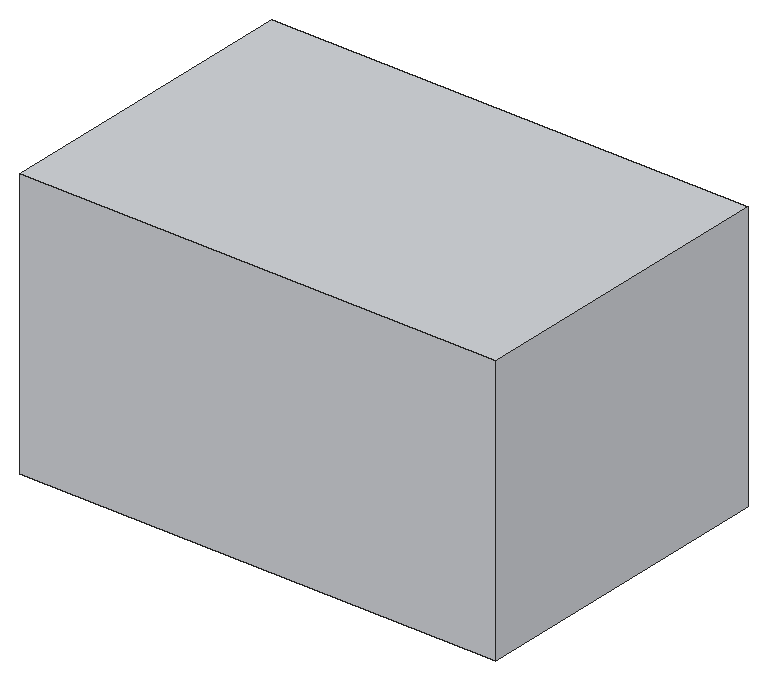
Revit family "M_Unidades AC da cobertura - 11-44 kW - Conexão inferior", category Equipamento mecânico, Revit 2019
Family settings
  Cota do conector redondo = Utilizar diâmetro
  Tipo de parte = Normal
  Número OmniClass = 23.75.10.24.21.27.14
  Título OmniClass = Packaged Rooftop Air Conditioning Units
  ID de item do Seek = Rooftop AC Unit - 11-44 kW - Bottom Connection-0000-CAN-ENU
  Com base no plano de trabalho = Não
  Sempre na vertical = Sim
  Corte com vazios quando carregada = Não
  Compartilhado = Não
  Ponto de cálculo do ambiente = Não
Parameters (values of type "44 kW")
  Voltagem [instance] = 460 V  # constant formula
  FornecimentoX = 355.6 mm
  LarguradaUnidade = 2219.3 mm
  AlturadaUnidade = 1252.5 mm
  ProfundidadedaUnidade = 1466.9 mm
  DeslocamentodoFornecimentoY = 138.1 mm
  DeslocamentodoFornecimentoX = 79.4 mm
  DeslocamentodoRetornoY = 139.7 mm
  DeslocamentodoRetornoX = 79.4 mm
  Símbolos de fornecimento/retorno [instance] = yes
  FormadaPart = "Duto retangular"
  Número de pólos [instance] = 3
  Fluxo mínimo = 3750
  Fluxo máximo = 6250
  FornecimentoY = 736.6 mm
  RetornoX = 939.8 mm
  RetornoY = 330.2 mm
  Model = ""
  Classificação de carga = Refrigeração
  Pressão estática externa [instance] = 49.77 Pa
  DeslocamentodaConexão = 25.4 mm
  Assembly Code = ""
  Carga aparente [instance] = 11100 VA
  Fluxo de ar - Fornecimento [instance] = 2359.74 L/s
  Fluxo de ar - Retorno [instance] = 2359.74 L/s
Types (8, lengths in mm): name | FornecimentoX | LarguradaUnidade | AlturadaUnidade | ProfundidadedaUnidade | DeslocamentodoFornecimentoX | DeslocamentodoRetornoY | DeslocamentodoRetornoX | Fluxo mínimo | Fluxo máximo | FornecimentoY | RetornoX | RetornoY | Pressão estática externa | Carga aparente | Fluxo de ar - Fornecimento | Fluxo de ar - Retorno
  14 kW | 330.2 | 1871.7 | 846.1 | 1143 | 81 | 144.5 | 81 | 1200 | 2000 | 457.2 | 660.4 | 279.4 | 159.26 Pa | 5000 VA | 755.12 L/s | 755.12 L/s
  11 kW | 330.2 | 1871.7 | 846.1 | 1143 | 81 | 144.5 | 81 | 900 | 1500 | 457.2 | 660.4 | 279.4 | 126.91 Pa | 3000 VA | 566.34 L/s | 566.34 L/s
  26 kW | 355.6 | 2219.3 | 1049.3 | 1466.9 | 79.4 | 139.7 | 79.4 | 2250 | 3750 | 736.6 | 863.6 | 330.2 | 99.54 Pa | 7700 VA | 1415.84 L/s | 1415.84 L/s
  30 kW | 355.6 | 2219.3 | 1049.3 | 1466.9 | 79.4 | 139.7 | 79.4 | 2550 | 4250 | 736.6 | 863.6 | 330.2 | 49.77 Pa | 9100 VA | 1604.62 L/s | 1604.62 L/s
  35 kW | 355.6 | 2219.3 | 1252.5 | 1466.9 | 79.4 | 139.7 | 79.4 | 3000 | 5000 | 736.6 | 939.8 | 330.2 | 49.77 Pa | 9200 VA | 1887.79 L/s | 1887.79 L/s
  44 kW | 355.6 | 2219.3 | 1252.5 | 1466.9 | 79.4 | 139.7 | 79.4 | 3750 | 6250 | 736.6 | 939.8 | 330.2 | 49.77 Pa | 11100 VA | 2359.74 L/s | 2359.74 L/s
  18 kW | 330.2 | 1871.7 | 846.1 | 1143 | 81 | 144.5 | 81 | 1500 | 2500 | 457.2 | 660.4 | 279.4 | 104.51 Pa | 5200 VA | 943.89 L/s | 943.89 L/s
  21 kW | 330.2 | 1871.7 | 1049.3 | 1143 | 81 | 144.5 | 81 | 1800 | 3000 | 457.2 | 660.4 | 279.4 | 49.77 Pa | 6000 VA | 1132.67 L/s | 1132.67 L/s
Reference planes
  plane 1 "Centro (Frente/Trás)": y = 0
  plane 2: z = 0
  plane 3 "Centro (Esquerda/Direita)": x = 0
  plane 4 "Conexão inferior": z = 25.4
  plane 5 "Conexão lateral": x = -25.4
Forms (mm)
  Extrusion 1, solid
    sketch origin (0, 0, 274.737) x (0, -1, 0) y (1, 0, 0)
      loop
        line (0, 0) -> (-1466.9, 0) -> (-1466.9, -2219.3) -> (0, -2219.3) -> (0, 0)
    from -274.737 to 977.763
  Extrusion 2, void
    sketch origin (0, 0, 274.737) x (0, -1, 0) y (1, 0, 0)
      loop
        line (-138.1, -79.4) -> (-874.7, -79.4) -> (-874.7, -435) -> (-138.1, -435) -> (-138.1, -79.4)
    from -274.737 to -249.337
  Extrusion 3, void
    sketch origin (0, 0, 274.737) x (0, -1, 0) y (1, 0, 0)
      loop
        line (-1327.2, -1019.2) -> (-997, -1019.2) -> (-997, -79.4) -> (-1327.2, -79.4) -> (-1327.2, -1019.2)
    from -274.737 to -249.337
Cuts and joins
  Extrusion 2, Extrusion 3 cuts Extrusion 1
Lines and regions (mm)
  symbolic lines, visible <- "Símbolos de fornecimento/retorno"
    curve 1: line (-1019.2, 1327.2, 25.4) -> (-1019.2, 997, 25.4)
    curve 2: line (-79.4, 1327.2, 25.4) -> (-1019.2, 1327.2, 25.4)
    curve 3: line (-79.4, 997, 25.4) -> (-79.4, 1327.2, 25.4)
    curve 4: line (-1019.2, 997, 25.4) -> (-79.4, 997, 25.4)
    curve 5: line (-79.4, 1327.2, 25.4) -> (-1019.2, 997, 25.4)
    curve 6: line (-79.4, 874.7, 25.4) -> (-435, 874.7, 25.4)
    curve 7: line (-79.4, 138.1, 25.4) -> (-79.4, 874.7, 25.4)
    curve 8: line (-435, 138.1, 25.4) -> (-79.4, 138.1, 25.4)
    curve 9: line (-435, 874.7, 25.4) -> (-435, 138.1, 25.4)
    curve 10: line (-79.4, 874.7, 25.4) -> (-435, 138.1, 25.4)
    curve 11: line (-79.4, 138.1, 25.4) -> (-435, 874.7, 25.4)
Dimensions and locks
  "LarguradaUnidade": Extrusion 1 sketch curve to plane 3 "Centro (Esquerda/Direita)"
  "ProfundidadedaUnidade": plane 1 "Centro (Frente/Trás)" to Extrusion 1 sketch curve
  "DeslocamentodoFornecimentoY": cut or joined group of Extrusion 1, Extrusion 2, Extrusion 3 to Extrusion 2 sketch curve
  "FornecimentoY": Extrusion 2 sketch curve to Extrusion 2 sketch curve
  "DeslocamentodoFornecimentoX": Extrusion 2 sketch curve to plane 3 "Centro (Esquerda/Direita)"
  "FornecimentoX": Extrusion 2 sketch curve to Extrusion 2 sketch curve
  "DeslocamentodaConexão": Extrusion 2 to plane 2
  "DeslocamentodoRetornoX": Extrusion 3 sketch curve to plane 3 "Centro (Esquerda/Direita)"
  "RetornoX": Extrusion 3 sketch curve to Extrusion 3 sketch curve
  "DeslocamentodoRetornoY": cut or joined group of Extrusion 1, Extrusion 2, Extrusion 3 to Extrusion 3 sketch curve
  "RetornoY": Extrusion 3 sketch curve to Extrusion 3 sketch curve
  "DeslocamentodaConexão": Extrusion 3 to Extrusion 2
  "AlturadaUnidade": cut or joined group of Extrusion 1, Extrusion 2, Extrusion 3 to cut or joined group of Extrusion 1, Extrusion 2, Extrusion 3
  "DeslocamentodaConexão": plane 4 "Conexão inferior" to level
  "DeslocamentodaConexão": plane 3 "Centro (Esquerda/Direita)" to plane 5 "Conexão lateral"
  aligned and locked: plane 3 "Centro (Esquerda/Direita)" to Extrusion 1 sketch curve
  aligned and locked: plane 1 "Centro (Frente/Trás)" to Extrusion 1 sketch curve
  aligned and locked: Extrusion 1 to level
  aligned and locked: Extrusion 2 to level
  aligned and locked: Extrusion 3 to level
  aligned and locked: curve 1 to cut or joined group of Extrusion 1, Extrusion 2, Extrusion 3
  aligned and locked: curve 2 to cut or joined group of Extrusion 1, Extrusion 2, Extrusion 3
  aligned and locked: curve 3 to cut or joined group of Extrusion 1, Extrusion 2, Extrusion 3
  aligned and locked: curve 4 to cut or joined group of Extrusion 1, Extrusion 2, Extrusion 3
  aligned and locked: curve 6 to cut or joined group of Extrusion 1, Extrusion 2, Extrusion 3
  aligned and locked: curve 7 to cut or joined group of Extrusion 1, Extrusion 2, Extrusion 3
  aligned and locked: curve 8 to cut or joined group of Extrusion 1, Extrusion 2, Extrusion 3
  aligned and locked: curve 9 to cut or joined group of Extrusion 1, Extrusion 2, Extrusion 3
Connectors
  hvac at (-257.2, 506.4, 25.4), driven by "FornecimentoY", driven by "FornecimentoX", driven by "Fluxo de ar - Fornecimento"
    settings: on cut or joined group of Extrusion 1, Extrusion 2, Extrusion 3, index 0, duct flow 2359.74 L/s, flow factor 0, pres drop 0.0 Pa, loss coef 0, conn angle 0.00°, conn width 355.6 mm, conn height 736.6 mm, conn diameter 609.6 mm, duct sys type 1, conn prof type 1, flow config 0, flow direction 2, loss method 0, conn ref index 1, conn util no, is conn primary yes, conn desc ""
  hvac at (-549.3, 1162.1, 25.4), driven by "RetornoY", driven by "RetornoX", driven by "Fluxo de ar - Retorno"
    settings: on cut or joined group of Extrusion 1, Extrusion 2, Extrusion 3, index 1, duct flow 2359.74 L/s, flow factor 0, pres drop 0.0 Pa, loss coef 0, conn angle 0.00°, conn width 939.8 mm, conn height 330.2 mm, conn diameter 609.6 mm, duct sys type 2, conn prof type 1, flow config 0, flow direction 1, loss method 0, conn ref index 0, conn util no, is conn primary no, conn desc ""
  electrical at (-2219.3, 733.45, 626.25), driven by "Número de pólos", driven by "Carga aparente", driven by "Voltagem", driven by "Classificação de carga"
    settings: on cut or joined group of Extrusion 1, Extrusion 2, Extrusion 3, index 2, voltage 460 V, apparent load 11100 VA, apparent load phase1 0 VA, apparent load phase2 0 VA, apparent load phase3 0 VA, power factor 0.8, load classification "Refrigeração", number of poles 3, system type 30, power factor state 1, is connector primary yes, connector utility no, sub classification motor no, connector description ""
